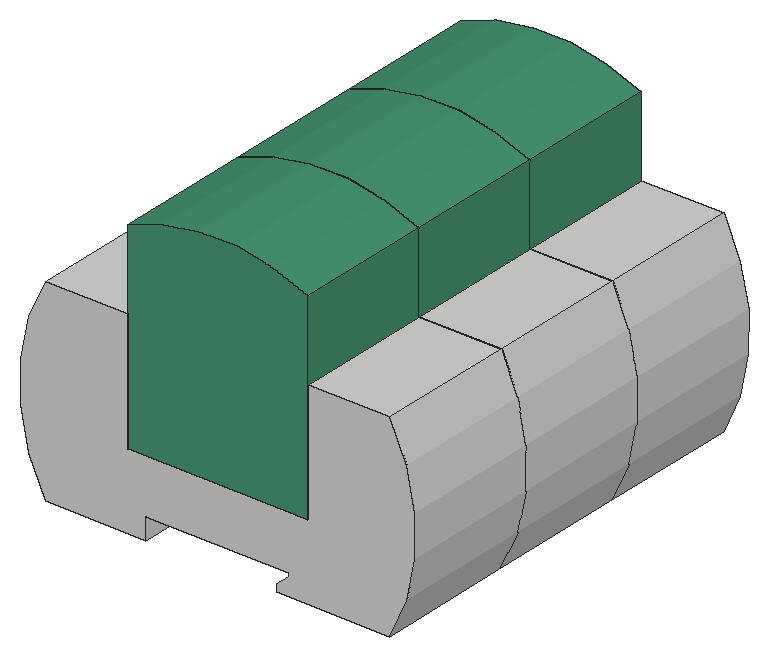
Revit family "Kombiableiter 3-polig mit Funktonsanzeige", category Generic Models, Revit 2015
Parameters (values of type "MCD 50-B 3-OS")
  Width 1 = 44.9 mm
  Width = 100 mm
  URL = "http://www.obo-bettermann.com"
  Material 2 = PA6 GF20 FR HF RAL 6029
  Material = PA6 MF15 GRAU
  Manufacturer Art.No. = "5096835"
  Manufacturer = "OBO Bettermann"
  Length = 105 mm
  Height 1 = 49.5 mm
  Height = 74.7 mm
  GTIN = "4012195288282"
  Article Type = "MCD 50-B 3-OS"
Reference planes
  plane 1 "Center (Front/Back)": y = 0
  plane 2: z = 0
  plane 3 "Center (Left/Right)": x = 0
  plane 4: z = 49.5
  plane 5: x = -50
  plane 6: x = 50
  plane 7: y = 35
  plane 8: z = 74.7
  plane 9: z = 69.58
  plane 10: y = 70
  plane 11: y = 105
Forms (mm)
  Extrusion 1, solid, material "PA6 MF15 GRAU" <- "Material"
    sketch origin (0, 0, 0) x (1, 0, 0) y (0, 0, 1)
      loop
        line (-18, 0.011) -> (-18, 5.5) -> (18, 5.5) -> (18, 4.48) -> (15, 1.772) -> (15, -0.016) -> (43.44, -0.016)
        arc (43.44, -0.016) -> (49.992, 24.724) -> (43.5, 49.481) r 50.213
        line (43.5, 49.481) -> (22.7, 49.481) -> (22.7, 19) -> (-22.7, 19) -> (-22.7, 49.513) -> (-43.4, 49.513)
        arc (-43.4, 49.513) -> (-50.021, 24.767) -> (-43.44, 0.011) r 49.702
        line (-43.44, 0.011) -> (-18, 0.011)
    from -35 to 0
  Extrusion 2, solid, material "PA6 GF20 FR HF RAL 6029" <- "Material 2"
    sketch origin (0, 0, 0) x (1, 0, 0) y (0, 0, 1)
      loop
        line (-22.7, 69.58) -> (-22.7, 19) -> (22.7, 19) -> (22.7, 69.58)
        arc (22.7, 69.58) -> (0, 74.7) -> (-22.7, 69.58) r 52.881
    from -35 to 0
  Extrusion 3, solid, material "PA6 MF15 GRAU" <- "Material"
    sketch origin (0, 0, 0) x (1, 0, 0) y (0, 0, 1)
      loop
        line (-22.7, 49.513) -> (-43.4, 49.513)
        arc (-43.4, 49.513) -> (-50.021, 24.767) -> (-43.44, 0.011) r 49.702
        line (-43.44, 0.011) -> (-18, 0.011) -> (-18, 5.5) -> (18, 5.5) -> (18, 4.48) -> (15, 1.772) -> (15, -0.016) -> (43.44, -0.016)
        arc (43.44, -0.016) -> (49.992, 24.724) -> (43.5, 49.481) r 50.213
        line (43.5, 49.481) -> (22.7, 49.481) -> (22.7, 19) -> (-22.7, 19) -> (-22.7, 49.513)
    from -70 to -35
  Extrusion 4, solid, material "PA6 MF15 GRAU" <- "Material"
    sketch origin (0, 0, 0) x (1, 0, 0) y (0, 0, 1)
      loop
        line (-22.7, 49.513) -> (-43.4, 49.513)
        arc (-43.4, 49.513) -> (-50.021, 24.767) -> (-43.44, 0.011) r 49.702
        line (-43.44, 0.011) -> (-18, 0.011) -> (-18, 5.5) -> (18, 5.5) -> (18, 4.48) -> (15, 1.772) -> (15, -0.016) -> (43.44, -0.016)
        arc (43.44, -0.016) -> (49.992, 24.724) -> (43.5, 49.481) r 50.213
        line (43.5, 49.481) -> (22.7, 49.481) -> (22.7, 19) -> (-22.7, 19) -> (-22.7, 49.513)
    from -105 to -70
  Extrusion 5, solid, material "PA6 GF20 FR HF RAL 6029" <- "Material 2"
    sketch origin (0, 0, 0) x (1, 0, 0) y (0, 0, 1)
      loop
        line (-22.7, 69.58) -> (-22.7, 19) -> (22.7, 19) -> (22.7, 69.58)
        arc (22.7, 69.58) -> (0, 74.7) -> (-22.7, 69.58) r 52.881
    from -70 to -35
  Extrusion 6, solid, material "PA6 GF20 FR HF RAL 6029" <- "Material 2"
    sketch origin (0, 0, 0) x (1, 0, 0) y (0, 0, 1)
      loop
        line (-22.7, 69.58) -> (-22.7, 19) -> (22.7, 19) -> (22.7, 69.58)
        arc (22.7, 69.58) -> (0, 74.7) -> (-22.7, 69.58) r 52.881
    from -105 to -70
Dimensions and locks
  locked: Extrusion 1 sketch curve to level at 5.5
  locked: Extrusion 1 sketch curve to Extrusion 1 sketch curve at 36
  locked: plane 3 "Center (Left/Right)" to Extrusion 1 sketch curve at 18
  locked: Extrusion 1 sketch curve to Extrusion 1 sketch curve at 33
  locked: Extrusion 1 sketch curve to level at 1.772
  locked: Extrusion 1 sketch curve to Extrusion 1 sketch curve at 1.02
  locked: Extrusion 1 sketch curve to Extrusion 1 sketch curve at 86.88
  locked: plane 3 "Center (Left/Right)" to Extrusion 1 sketch curve at 43.44
  "Height 1": plane 4 to level
  locked: Extrusion 1 sketch curve to Extrusion 1 sketch curve at 86.9
  "Width": plane 6 to plane 5
  locked: plane 3 "Center (Left/Right)" to plane 5 at 50
  locked: plane 3 "Center (Left/Right)" to Extrusion 1 sketch curve at 43.4
  locked: Extrusion 1 sketch curve to Extrusion 1 sketch curve at 45.4
  equal spacing: Extrusion 1 sketch curve, plane 3 "Center (Left/Right)", Extrusion 1 sketch curve, locked at 22.7 each
  locked: plane 4 to Extrusion 1 sketch curve at 30.5
  "Height": plane 8 to level
  plane 8 to plane 9 = 5.12 mm
  locked: plane 7 to plane 1 "Center (Front/Back)" at 35
  locked: plane 10 to plane 7 at 35
  "Length": plane 11 to plane 1 "Center (Front/Back)"
  radius of Extrusion 2 sketch curve = 52.881 mm
  radius of Extrusion 1 sketch curve = 49.702 mm
  radius of Extrusion 1 sketch curve = 50.213 mm
  aligned and locked: level to plane 2
  aligned and locked: plane 7 to Extrusion 1
  aligned and locked: plane 1 "Center (Front/Back)" to Extrusion 1
  aligned and locked: Extrusion 2 sketch curve to Extrusion 1  (x3)
  aligned and locked: plane 9 to Extrusion 2 sketch curve  (x2)
  aligned and locked: Extrusion 1 to Extrusion 2
  aligned and locked: plane 1 "Center (Front/Back)" to Extrusion 2
  aligned and locked: Extrusion 3 sketch curve to Extrusion 1  (x14)
  aligned and locked: plane 10 to Extrusion 3
  aligned and locked: Extrusion 3 to Extrusion 1
  aligned and locked: Extrusion 4 sketch curve to Extrusion 1  (x14)
  aligned and locked: plane 11 to Extrusion 4
  aligned and locked: Extrusion 4 to plane 10
  aligned and locked: Extrusion 5 sketch curve to Extrusion 2  (x4)
  aligned and locked: plane 10 to Extrusion 5
  aligned and locked: Extrusion 5 to Extrusion 1
  aligned and locked: Extrusion 6 sketch curve to Extrusion 2  (x4)
  aligned and locked: plane 11 to Extrusion 6
  aligned and locked: Extrusion 6 to plane 10
Automatic sketch dimensions
  plane 4 to Extrusion 1 sketch curve = 0.013 mm
  Extrusion 1 sketch curve to Extrusion 1 sketch curve = 0.099 mm
  Extrusion 1 sketch curve to level = 0.016 mm
  Extrusion 1 sketch curve to plane 4 = 0.019 mm
